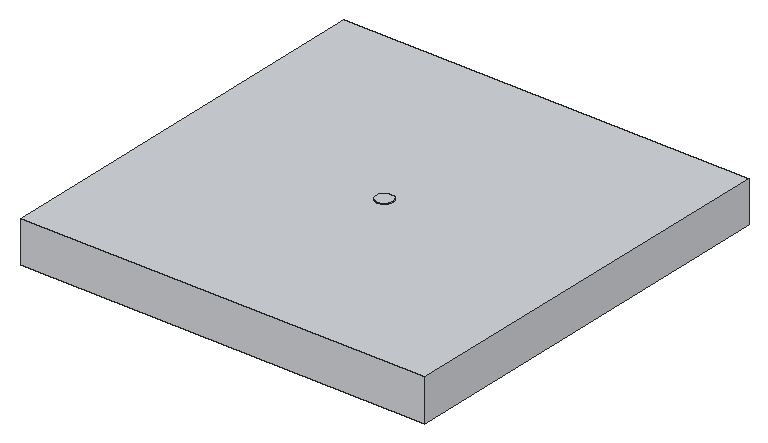
Revit family "M_Round Face Opening Solid", category Generic Models, host Face, Revit 2022
Family settings
  Host = Face
  Can host rebar = No
  Round Connector Dimension = Use Diameter
  Part Type = Normal
  OmniClass Number = 23.30.00.00
  OmniClass Title = Openings, Passages, Protection
  Cut with Voids When Loaded = Yes
  Maintain Annotation Orientation = No
  Shared = No
  Room Calculation Point = No
Parameters (values of type "Round Face Opening")
  Slope_Help [instance] = if(Face Offset_True = 0 cm, 0.2 cm, 0.1 cm)  # 0.2 cm
  Opening Elevation [instance] = 0 cm
  Opening Absolute Level [instance] = 0 cm
  MEP - Comment [instance] = "-"
  Inspect [instance] = no
  Face Offset_Positive [instance] = if(Face Offset_True > 0 cm, Face Offset_True, 0 cm)  # 0 cm
  Face Offset_Negative [instance] = if(Face Offset_True < 0 cm, -Face Offset_True, 0 cm)  # 0 cm
  Face Offset_True [instance] = if(Slope = 0.00°, Face Offset, 0 cm)  # 0 cm
  Face Offset [instance] = 0 cm  # constant formula
  Top Length [instance] = if(Face Offset_True = 0 cm, if(or(Slope < -1.00°, Slope > 1.00°), Diameter_True / 2 * if(Angle > 90.00°, -tan(Slope), tan(Slope)), 0 cm), 0 cm)  # 0 cm
  Subcategory = "Cut Opening"  # constant formula
  Slope_T [instance] = if(and(not(Slope < 0.00°), Slope < 85.00°), Slope, 0.00°)  # 0.00°
  Slope [instance] = 0.00°  # constant formula
  Radius True [instance] = Diameter_True / 2  # 5 cm
  Radius [instance] = Diameter / 2  # 5 cm
  Opening Area [instance] = pi() * (Diameter / 2) ^ 2  # 0.00785398 m²
  Filled Region = no
  Lines [instance] = not(Filled Region)  # yes
  Diameter [instance] = if(D > 0.4 cm, D + 2 * Cut Offset, 0.4 cm)  # 10 cm
  Detail - Yes / No [instance] = no
  Description = "G"
  Depth [instance] = 25 cm
  Dashed Outline = no
  D(") [instance] = (D) / (2.634)  # 3.7965 cm
  D Total [instance] = Diameter  # 10 cm
  D [instance] = 10 cm
  Depth_True [instance] = if(Depth + Face Offset_True > 0.2 cm, Depth + Face Offset_True, 0.2 cm)  # 25 cm
  Cut Offset Report [instance] = Cut Offset  # 0 cm
  Cut Offset [instance] = 0 cm  # constant formula
  Bottom Length [instance] = if(Face Offset_True = 0 cm, Depth_True / sin(if(or(Angle = 0.00°, Angle = 180.00°, Angle = 360.00°), 90.00°, Angle)) + if(or(Slope < -1.00°, Slope > 1.00°), Diameter_True / 2 * if(Angle > 90.00°, -tan(Slope), tan(Slope)), 0 cm), Depth_True)  # 25 cm
  Diameter_True [instance] = Diameter / sin(Angle)  # 10 cm
  Extrusion End [instance] = if(Depth > 0.2 cm, -Depth_True, -0.2 cm)  # -25 cm
  Default Elevation = 0 cm
  BPM_txt2 [instance] = ""
  BPM_txt1 [instance] = ""
  BPM_bool2 [instance] = no
  BPM_bool1 [instance] = no
  Assembly Code = ""
  Angle [instance] = 90.00° - Slope  # 90.00°
  ##Reference Level [instance] = ""
  ##Middle Elevation [instance] = 0 cm
Reference planes (cm)
  plane 1 "Center (Front/Back)": y = 0
  plane 2: z = 0
  plane 3 "Center (Left/Right)": x = 0
  plane 4: x = -5
  plane 5: x = 5
  plane 6: y = -5
  plane 7: y = 5
  plane 8 "Face Offset_Positive": z = 0
  plane 9 "Face Offset_Negative": z = 0
Forms (cm)
  Extrusion 1, solid
    sketch origin (0, 0, 0) x (1, 0, 0) y (0, 1, 0)
      loop
        line (-121.92, 121.92) -> (-121.92, -121.92) -> (121.92, -121.92) -> (121.92, 121.92) -> (-121.92, 121.92)
    from 0 to -25 <- "Extrusion End"
  Sweep 2, solid
    path in 3D
      loop
        line (0, 0, 0) -> (0, 0, -0.2) -> (0, 0, -25)
    profile origin (0, 0, -12.6) x (1, 0, 0) y (0, 1, 0)
      loop
        circle (0, 0) r 5
Lines and regions (cm)
  reference lines
    curve 1: line (0, 0, -0.2) -> (0, 0, 0)
    curve 2: line (0, 0, -0.2) -> (0, 0, -25)
  sketch lines
    curve 3: line (0, 0, -0.2) -> (0, 0, -25)
    curve 4: line (0, 0, -0.2) -> (0, 0, 0)
  symbolic lines
    curve 5: line (-3.5355, -3.5355, 0) -> (3.5355, 3.5355, 0)
    curve 6: line (-3.5355, 3.5355, 0) -> (3.5355, -3.5355, 0)
  symbolic lines, visible <- "Dashed Outline"
    curve 7: circle (0, 0, 0) r 5 normal (0, 0, 1)
Dimensions and locks (cm)
  equal spacing: plane 4, plane 3 "Center (Left/Right)", plane 5
  "Diameter": plane 4 to plane 5
  equal spacing: plane 7, plane 1 "Center (Front/Back)", plane 6
  "Diameter_True": plane 7 to plane 6
  "Bottom Length": plane 9 "Face Offset_Negative" to curve 2
  "Top Length": plane 9 "Face Offset_Negative" to curve 1
  locked: curve 5 to curve 2
  locked: curve 6 to curve 2
  "Face Offset_Positive": plane 8 "Face Offset_Positive" to plane 2
  "Face Offset_Negative": plane 8 "Face Offset_Positive" to plane 9 "Face Offset_Negative"
  "Slope_Help": plane 9 "Face Offset_Negative" to curve 1
  "Radius": radius of Sweep 2 sketch curve
  "Radius": radius of curve 7
  "Angle": angle curve 2 to level
  "Angle": angle curve 1 to level
  angle plane 1 "Center (Front/Back)" to curve 5 = 45.00°
  angle curve 6 to plane 1 "Center (Front/Back)" = 45.00°
  aligned and locked: plane 2 to Extrusion 1
  aligned and locked: level to Extrusion 1
  aligned and locked: plane 1 "Center (Front/Back)" to curve 2
  aligned and locked: plane 3 "Center (Left/Right)" to Sweep 2 sketch curve
  aligned and locked: plane 6 to nested 1
  aligned and locked: nested 2 to plane 4
  aligned and locked: plane 6 to nested 3
  aligned and locked: plane 6 to nested 4
  aligned and locked: nested 5 to plane 4
  aligned and locked: nested 6 to plane 4
  aligned and locked: nested 4 to plane 9 "Face Offset_Negative"
  aligned and locked: nested 3 to plane 9 "Face Offset_Negative"
  aligned and locked: nested 1 to plane 9 "Face Offset_Negative"
  aligned and locked: nested 5 to plane 9 "Face Offset_Negative"
  aligned and locked: nested 2 to plane 9 "Face Offset_Negative"
  aligned and locked: nested 6 to plane 9 "Face Offset_Negative"
  aligned and locked: plane 3 "Center (Left/Right)" to curve 7
  aligned and locked: plane 1 "Center (Front/Back)" to curve 7
Automatic sketch dimensions
  Extrusion 1 sketch curve to Extrusion 1 sketch curve = 243.84 cm  (x2)
  profile plane to Sweep 2 sketch curve = 0 cm
Nested families (cm)
  nested 1: "Opening Lines - Front/Side" at (0, -5, 0) x (0, 1, 0) z (1, 0, 0), Width_or_Height <- "Diameter_True", Depth <- "Depth_True", Angle <- "Angle", visible <- "Lines", type "Standard"
    with Width_or_Height_True 10 cm, Width_or_Height 10 cm, Test Angle q 36.00°, Test Angle p 225.00°, Side Length 25 cm, Region Visible yes, built-in parameter 1001306 0.32808 (stored number, unit not read), Diagonal q 26.9258 cm, Diagonal p 26.9258 cm, Depth_True 25 cm, Depth 25 cm, Coeff2 2.5, Coeff1 0.4, Angle_True 90.00°, Angle 90.00°
  nested 2: "Opening Region - Front/Side" at (-5, 0, 0) x (1, 0, 0) z (0, -1, 0), Width_or_Height <- "Diameter", Depth <- "Depth_True", visible <- "Filled Region", type "Standard"
    with Width_or_Height_True 10 cm, Width_or_Height 10 cm, Test Angle q 36.00°, Test Angle p 225.00°, Side Length 25 cm, Region Visible yes, built-in parameter 1001306 0.32808 (stored number, unit not read), Diagonal q 26.9258 cm, Diagonal p 26.9258 cm, Depth_True 25 cm, Depth 25 cm, Coeff2 2.5, Coeff1 0.4, Angle_True 90.00°, Angle 90.00°
  nested 3: "Opening Region - Front/Side" at (0, -5, 0) x (0, 1, 0) z (1, 0, 0), Angle <- "Angle", visible <- "Filled Region", Depth <- "Depth_True", Width_or_Height <- "Diameter_True", type "Standard"
    with Width_or_Height_True 10 cm, Width_or_Height 10 cm, Test Angle q 36.00°, Test Angle p 225.00°, Side Length 25 cm, Region Visible yes, built-in parameter 1001306 0.32808 (stored number, unit not read), Diagonal q 26.9258 cm, Diagonal p 26.9258 cm, Depth_True 25 cm, Depth 25 cm, Coeff2 2.5, Coeff1 0.4, Angle_True 90.00°, Angle 90.00°
  nested 4: "Opening Outlines - Front/Side" at (0, -5, 0) x (0, 1, 0) z (1, 0, 0), Width_or_Height <- "Diameter_True", Depth <- "Depth_True", Angle <- "Angle", visible <- "Dashed Outline", type "Standard"
    with Width_or_Height_True 10 cm, Width_or_Height 10 cm, Test Angle q 36.00°, Test Angle p 225.00°, Side Length 25 cm, Region Visible yes, built-in parameter 1001306 0.32808 (stored number, unit not read), Diagonal q 26.9258 cm, Diagonal p 26.9258 cm, Depth_True 25 cm, Depth 25 cm, Coeff2 2.5, Coeff1 0.4, Angle_True 90.00°, Angle 90.00°
  nested 5: "Opening Lines - Front/Side" at (-5, 0, 0) x (1, 0, 0) z (0, -1, 0), Width_or_Height <- "Diameter", Depth <- "Depth_True", visible <- "Lines", type "Standard"
    with Width_or_Height_True 10 cm, Width_or_Height 10 cm, Test Angle q 36.00°, Test Angle p 225.00°, Side Length 25 cm, Region Visible yes, built-in parameter 1001306 0.32808 (stored number, unit not read), Diagonal q 26.9258 cm, Diagonal p 26.9258 cm, Depth_True 25 cm, Depth 25 cm, Coeff2 2.5, Coeff1 0.4, Angle_True 90.00°, Angle 90.00°
  nested 6: "Opening Outlines - Front/Side" at (-5, 0, 0) x (1, 0, 0) z (0, -1, 0), Width_or_Height <- "Diameter", Depth <- "Depth_True", visible <- "Dashed Outline", type "Standard"
    with Width_or_Height_True 10 cm, Width_or_Height 10 cm, Test Angle q 36.00°, Test Angle p 225.00°, Side Length 25 cm, Region Visible yes, built-in parameter 1001306 0.32808 (stored number, unit not read), Diagonal q 26.9258 cm, Diagonal p 26.9258 cm, Depth_True 25 cm, Depth 25 cm, Coeff2 2.5, Coeff1 0.4, Angle_True 90.00°, Angle 90.00°
Definition of nested family "Opening Lines - Front/Side"
  Parameters
    Width_or_Height_True [instance] = if(Width_or_Height < 0.2 cm, 0.2 cm, if(or(0.5 * Diagonal q < 0.1 cm, 0.5 * Diagonal q < 0.1 cm), 0.2 cm, Width_or_Height))  # 2 cm
    Width_or_Height [instance] = 2 cm
    Test Angle q [instance] = Coeff1 * Angle  # 60.00°
    Test Angle p [instance] = Coeff2 * Angle  # 60.00°
    Side Length [instance] = Depth / sin(Angle)  # 2.3094 cm
    Region Visible [instance] = if(Angle < 20.00°, 1 = 0, if(or(Test Angle q < 3.00°, Test Angle p < 3.00°), 1 = 0, if(or(Width_or_Height < 0.2 cm, Depth < 0.2 cm), 1 = 0, if(or(0.5 * Diagonal q < 0.1 cm, 0.5 * Diagonal q < 0.1 cm), 1 = 0, 1 = 1))))  # yes
    built-in parameter 1001306 [instance] = Width_or_Height_True  # 0.065617 (stored number, unit not read)
    Diagonal q [instance] = if(Angle < 90.00°, sqrt(Side Length ^ 2 + Width_or_Height ^ 2 + 2 * Width_or_Height * Side Length * cos(Angle)), sqrt(Side Length ^ 2 + Width_or_Height ^ 2 - 2 * Width_or_Height * Side Length * cos(Angle)))  # 3.7353 cm
    Diagonal p [instance] = if(Angle < 90.00°, sqrt(Side Length ^ 2 + Width_or_Height ^ 2 - 2 * Width_or_Height * Side Length * cos(Angle)), sqrt(Side Length ^ 2 + Width_or_Height ^ 2 + 2 * Width_or_Height * Side Length * cos(Angle)))  # 2.1713 cm
    Depth_True [instance] = if(or(Test Angle q < 2.00°, Test Angle p < 2.00°), Width_or_Height, if(Depth < 0.2 cm, 0.2 cm, if(or(0.5 * Diagonal q < 0.1 cm, 0.5 * Diagonal q < 0.1 cm), Width_or_Height_True, Depth)))  # 2 cm
    Depth [instance] = 2 cm
    Coeff2 [instance] = Depth / Width_or_Height  # 1
    Coeff1 [instance] = Width_or_Height / Depth  # 1
    Angle_True [instance] = if(Angle < 20.00°, 90.00°, if(or(Test Angle q < 3.00°, Test Angle p < 3.00°), 90.00°, if(or(0.5 * Diagonal q < 0.1 cm, 0.5 * Diagonal q < 0.1 cm), 90.00°, Angle)))  # 60.00°
    Angle [instance] = 60.00°
  Reference planes (cm)
    plane 1 "Center (Front/Back)": y = 0
    plane 2: z = 0
    plane 3 "Left": x = 0
    plane 4 "Right": x = 2
    plane 5: y = -2
  Lines and regions (cm)
    reference lines, in view "Ref. Level"
      curve 1: line (0, 0, 0) -> (2, 0, 0)
      curve 2: line (2, 0, 0) -> (0.8453, -2, 0)
      curve 3: line (0, 0, 0) -> (-1.1547, -2, 0)
      curve 4: line (0, 0, 0) -> (0.8453, -2, 0)
      curve 5: line (-1.1547, -2, 0) -> (2, 0, 0)
    detail lines, in view "Ref. Level"
      curve 6: line (2, 0, 0) -> (-1.1547, -2, 0)
      curve 7: line (0, 0, 0) -> (0.8453, -2, 0)
  Dimensions and locks (cm)
    plane 3 "Left" to plane 4 "Right" = 2 cm
    "Depth_True": plane 1 "Center (Front/Back)" to plane 5
    "Width_or_Height_True": plane 3 "Left" to plane 4 "Right"
    "Angle_True": angle plane 5 to curve 2
    "Angle_True": angle plane 5 to curve 3
    aligned and locked: plane 4 "Right" to curve 1
    aligned and locked: plane 3 "Left" to curve 1
    aligned and locked: plane 5 to curve 2
    aligned and locked: plane 1 "Center (Front/Back)" to curve 1
    aligned and locked: curve 5 to curve 6
    aligned and locked: curve 7 to curve 4  (x2)
    aligned and locked: curve 6 to curve 5
  Automatic sketch dimensions
    curve 5 to plane 5 = 0 cm
    curve 6 to plane 5 = 0 cm
    plane 1 "Center (Front/Back)" to curve 7 = 0 cm
    curve 7 to plane 5 = 0 cm
    plane 1 "Center (Front/Back)" to curve 6 = 0 cm
Definition of nested family "Opening Region - Front/Side"
  Parameters
    Width_or_Height_True [instance] = if(Width_or_Height < 0.2 cm, 0.2 cm, if(or(0.5 * Diagonal q < 0.1 cm, 0.5 * Diagonal q < 0.1 cm), 0.2 cm, Width_or_Height))  # 10 cm
    Width_or_Height [instance] = 10 cm
    Test Angle q [instance] = Coeff1 * Angle  # 40.00°
    Test Angle p [instance] = Coeff2 * Angle  # 160.00°
    Side Length [instance] = Depth / sin(Angle)  # 20.3085 cm
    Region Visible [instance] = if(Angle < 20.00°, 1 = 0, if(or(Test Angle q < 3.00°, Test Angle p < 3.00°), 1 = 0, if(or(Width_or_Height < 0.2 cm, Depth < 0.2 cm), 1 = 0, if(or(0.5 * Diagonal q < 0.1 cm, 0.5 * Diagonal q < 0.1 cm), 1 = 0, 1 = 1))))  # yes
    built-in parameter 1001306 [instance] = Width_or_Height_True  # 0.32808 (stored number, unit not read)
    Diagonal q [instance] = if(Angle < 90.00°, sqrt(Side Length ^ 2 + Width_or_Height ^ 2 + 2 * Width_or_Height * Side Length * cos(Angle)), sqrt(Side Length ^ 2 + Width_or_Height ^ 2 - 2 * Width_or_Height * Side Length * cos(Angle)))  # 24.1447 cm
    Diagonal p [instance] = if(Angle < 90.00°, sqrt(Side Length ^ 2 + Width_or_Height ^ 2 - 2 * Width_or_Height * Side Length * cos(Angle)), sqrt(Side Length ^ 2 + Width_or_Height ^ 2 + 2 * Width_or_Height * Side Length * cos(Angle)))  # 21.0216 cm
    Depth_True [instance] = if(or(Test Angle q < 2.00°, Test Angle p < 2.00°), Width_or_Height, if(Depth < 0.2 cm, 0.2 cm, if(or(0.5 * Diagonal q < 0.1 cm, 0.5 * Diagonal q < 0.1 cm), Width_or_Height_True, Depth)))  # 20 cm
    Depth [instance] = 20 cm
    Coeff2 [instance] = Depth / Width_or_Height  # 2
    Coeff1 [instance] = Width_or_Height / Depth  # 0.5
    Angle_True [instance] = if(Angle < 20.00°, 90.00°, if(or(Test Angle q < 3.00°, Test Angle p < 3.00°), 90.00°, if(or(0.5 * Diagonal q < 0.1 cm, 0.5 * Diagonal q < 0.1 cm), 90.00°, Angle)))  # 80.00°
    Angle [instance] = 80.00°
  Reference planes (cm)
    plane 1 "Center (Front/Back)": y = 0
    plane 2: z = 0
    plane 3 "Left": x = 0
    plane 4 "Right": x = 10
    plane 5: y = -20
  Lines and regions (cm)
    Filled region 1, type "Solid Fill - Black", in view "Ref. Level", visible <- "Region Visible"
      outline origin (0, 0, 0) x (1, 0, 0) y (0, 1, 0)
        loop
          line (10, 0) -> (3.2367, -10) -> (6.4735, -20) -> (10, 0)
    Filled region 2, type "Solid Fill - Black", in view "Ref. Level", visible <- "Region Visible"
      outline origin (0, 0, 0) x (1, 0, 0) y (0, 1, 0)
        loop
          line (0, 0) -> (-3.5265, -20) -> (3.2367, -10) -> (0, 0)
    reference lines, in view "Ref. Level"
      curve 1: line (0, 0, 0) -> (10, 0, 0)
      curve 2: line (10, 0, 0) -> (6.4735, -20, 0)
      curve 3: line (0, 0, 0) -> (-3.5265, -20, 0)
      curve 4: line (0, 0, 0) -> (6.4735, -20, 0)
      curve 5: line (-3.5265, -20, 0) -> (10, 0, 0)
  Dimensions and locks (cm)
    plane 3 "Left" to plane 4 "Right" = 10 cm
    "Depth_True": plane 1 "Center (Front/Back)" to plane 5
    "Width_or_Height_True": plane 3 "Left" to plane 4 "Right"
    "Angle_True": angle plane 5 to curve 2
    "Angle_True": angle plane 5 to curve 3
    aligned and locked: plane 4 "Right" to curve 1
    aligned and locked: plane 3 "Left" to curve 1
    aligned and locked: plane 5 to curve 2
    aligned and locked: plane 1 "Center (Front/Back)" to curve 1
    aligned and locked: Filled region 2 sketch curve to curve 3
    aligned and locked: Filled region 2 sketch curve to curve 5
    aligned and locked: Filled region 2 sketch curve to curve 4
    aligned and locked: Filled region 1 sketch curve to curve 5
    aligned and locked: Filled region 1 sketch curve to curve 4
    aligned and locked: Filled region 1 sketch curve to curve 2
  Automatic sketch dimensions
    curve 5 to plane 5 = 0 cm
Definition of nested family "Opening Outlines - Front/Side"
  Parameters (values of type "Standard")
    Width_or_Height_True [instance] = if(Width_or_Height < 0.2 cm, 0.2 cm, if(or(0.5 * Diagonal q < 0.1 cm, 0.5 * Diagonal q < 0.1 cm), 0.2 cm, Width_or_Height))  # 2 cm
    Width_or_Height [instance] = 2 cm
    Test Angle q [instance] = Coeff1 * Angle  # 60.00°
    Test Angle p [instance] = Coeff2 * Angle  # 60.00°
    Side Length [instance] = Depth / sin(Angle)  # 2.3094 cm
    Region Visible [instance] = if(Angle < 20.00°, 1 = 0, if(or(Test Angle q < 3.00°, Test Angle p < 3.00°), 1 = 0, if(or(Width_or_Height < 0.2 cm, Depth < 0.2 cm), 1 = 0, if(or(0.5 * Diagonal q < 0.1 cm, 0.5 * Diagonal q < 0.1 cm), 1 = 0, 1 = 1))))  # yes
    built-in parameter 1001306 [instance] = Width_or_Height_True  # 0.065617 (stored number, unit not read)
    Diagonal q [instance] = if(Angle < 90.00°, sqrt(Side Length ^ 2 + Width_or_Height ^ 2 + 2 * Width_or_Height * Side Length * cos(Angle)), sqrt(Side Length ^ 2 + Width_or_Height ^ 2 - 2 * Width_or_Height * Side Length * cos(Angle)))  # 3.7353 cm
    Diagonal p [instance] = if(Angle < 90.00°, sqrt(Side Length ^ 2 + Width_or_Height ^ 2 - 2 * Width_or_Height * Side Length * cos(Angle)), sqrt(Side Length ^ 2 + Width_or_Height ^ 2 + 2 * Width_or_Height * Side Length * cos(Angle)))  # 2.1713 cm
    Depth_True [instance] = if(or(Test Angle q < 2.00°, Test Angle p < 2.00°), Width_or_Height, if(Depth < 0.2 cm, 0.2 cm, if(or(0.5 * Diagonal q < 0.1 cm, 0.5 * Diagonal q < 0.1 cm), Width_or_Height_True, Depth)))  # 2 cm
    Depth [instance] = 2 cm
    Coeff2 [instance] = Depth / Width_or_Height  # 1
    Coeff1 [instance] = Width_or_Height / Depth  # 1
    Angle_True [instance] = if(Angle < 20.00°, 90.00°, if(or(Test Angle q < 3.00°, Test Angle p < 3.00°), 90.00°, if(or(0.5 * Diagonal q < 0.1 cm, 0.5 * Diagonal q < 0.1 cm), 90.00°, Angle)))  # 60.00°
    Angle [instance] = 60.00°
  Reference planes (cm)
    plane 1 "Center (Front/Back)": y = 0
    plane 2: z = 0
    plane 3 "Left": x = 0
    plane 4 "Right": x = 2
    plane 5: y = -2
  Lines and regions (cm)
    reference lines, in view "Ref. Level"
      curve 1: line (0, 0, 0) -> (2, 0, 0)
      curve 2: line (2, 0, 0) -> (0.8453, -2, 0)
      curve 3: line (0, 0, 0) -> (-1.1547, -2, 0)
    detail lines, in view "Ref. Level"
      curve 4: line (-1.1547, -2, 0) -> (0, 0, 0)
      curve 5: line (0, 0, 0) -> (2, 0, 0)
      curve 6: line (2, 0, 0) -> (0.8453, -2, 0)
      curve 7: line (0.8453, -2, 0) -> (-1.1547, -2, 0)
  Dimensions and locks (cm)
    plane 3 "Left" to plane 4 "Right" = 2 cm
    "Depth_True": plane 1 "Center (Front/Back)" to plane 5
    "Width_or_Height_True": plane 3 "Left" to plane 4 "Right"
    "Angle_True": angle plane 5 to curve 2
    "Angle_True": angle plane 5 to curve 3
    aligned and locked: plane 4 "Right" to curve 1
    aligned and locked: plane 3 "Left" to curve 1
    aligned and locked: plane 5 to curve 2
    aligned and locked: plane 1 "Center (Front/Back)" to curve 1
    aligned and locked: curve 2 to curve 6
    aligned and locked: plane 1 "Center (Front/Back)" to curve 5
    aligned and locked: plane 5 to curve 7
    aligned and locked: curve 4 to curve 3
